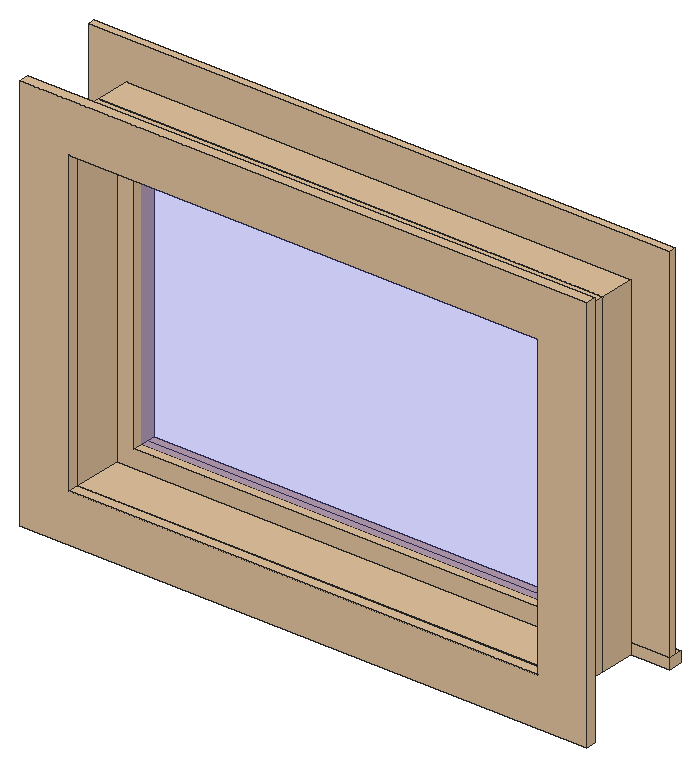
Revit family
Parameters (values of type "0915 x 0610mm")
  유리 창 재료 = 유리
  Height = 610.00 mm
  섀시 재료 = 섀시
  기본 씰 높이 = 2159.00 mm
  자르기 외부 재료 = 자르기
  자르기 내부 재료 = 자르기
  자르기 투영 - 외부 = 13.00 mm
  자르기 투영 - 내부 = 19.00 mm
  자르기 폭 - 외부 = 89.00 mm
  자르기 폭 - 내부 = 89.00 mm
  Wall Closure = (empty or 0)
  Width = 915.00 mm
  창 인세트 = 19.00 mm
Types (11, lengths in mm): name | Height | Width
  (no name) | 610.00 | 915.00
  0610 x 0610mm | 610.00 | 610.00
  0915 x 0610mm | 610.00 | 915.00
  1220 x 0610mm | 610.00 | 1220.00
  1525 x 0610mm | 610.00 | 1525.00
  1830 x 0610mm | 610.00 | 1830.00
  0610 x 0457mm | 457.00 | 610.00
  0915 x 0457mm | 457.00 | 915.00
  1220 x 0457mm | 457.00 | 1220.00
  1525 x 0457mm | 457.00 | 1525.00
  1830 x 0457mm | 457.00 | 1830.00
Reference planes
  plane 1: y = 0
  plane 2: z = 0
  plane 3 "중심": x = -38.1
  plane 4 "왼쪽": x = -495.6
  plane 5 "오른쪽": x = 419.4
  plane 6 "씰": z = 2159
  plane 7 "상단": z = 2769
  plane 8: y = 76.2
  plane 9: y = -76.2
  plane 10: y = 57.2
  plane 11: x = -476.55
  plane 12: x = -463.85
  plane 13: x = 400.35
  plane 14: x = 387.65
  plane 15: x = -565.55
  plane 16: x = -552.85
  plane 17: x = 476.65
  plane 18: x = 489.35
  plane 19: z = 2838.95
  plane 20: z = 2749.95
  plane 21: z = 2737.25
  plane 22: z = 2826.25
  plane 23: z = 2190.75
  plane 24: z = 2101.75
  plane 25 "마무리": y = 34.975
Forms (mm)
  Extrusion 1, solid, material "자르기" <- "자르기 외부 재료"
    sketch origin (0, 0, 0) x (1, 0, 0) y (0, 0, 1)
      loop
        line (-495.6, 2769) -> (-495.6, 2159) -> (419.4, 2159) -> (419.4, 2769) -> (-495.6, 2769)
      loop
        line (-476.55, 2749.95) -> (-476.55, 2178.05) -> (400.35, 2178.05) -> (400.35, 2749.95) -> (-476.55, 2749.95)
    from -76.2 to -12.75
  Extrusion 2, solid, material "자르기" <- "자르기 내부 재료"
    sketch origin (0, 0, 0) x (-1, 0, 0) y (0, 0, 1)
      loop
        line (-419.4, 2769) -> (-419.4, 2159) -> (495.6, 2159) -> (495.6, 2769) -> (-419.4, 2769)
      loop
        line (-387.65, 2737.25) -> (-387.65, 2190.75) -> (463.85, 2190.75) -> (463.85, 2737.25) -> (-387.65, 2737.25)
    from 12.75 to -76.2
  Extrusion 3, solid, material "섀시" <- "섀시 재료"
    sketch origin (0, 0, 0) x (-1, 0, 0) y (0, 0, 1)
      loop
        line (-400.35, 2749.95) -> (-400.35, 2178.05) -> (476.55, 2178.05) -> (476.55, 2749.95) -> (-400.35, 2749.95)
      loop
        line (-355.9, 2705.5) -> (-355.9, 2222.5) -> (432.1, 2222.5) -> (432.1, 2705.5) -> (-355.9, 2705.5)
    from 12.75 to 57.2
  Extrusion 4, solid, material "유리" <- "유리 창 재료"
    sketch origin (-124.971, 0, -117.036) x (1, 0, 0) y (0, 0, 1)
      loop
        line (-307.129, 2822.536) -> (-307.129, 2339.536) -> (480.871, 2339.536) -> (480.871, 2822.536) -> (-307.129, 2822.536)
    from -41.325 to -28.625
  Extrusion 5, solid, material "자르기" <- "자르기 내부 재료"
    sketch origin (0, 0, 0) x (1, 0, 0) y (0, 0, 1)
      loop
        line (-463.85, 2737.25) -> (-463.85, 2190.75) -> (387.65, 2190.75) -> (387.65, 2737.25) -> (-463.85, 2737.25)
      loop
        line (-552.85, 2826.25) -> (-552.85, 2101.75) -> (476.65, 2101.75) -> (476.65, 2826.25) -> (-552.85, 2826.25)
    from 76.2 to 95.2
  Extrusion 6, solid, material "자르기" <- "자르기 외부 재료"
    sketch origin (0, 0, 0) x (-1, 0, 0) y (0, 0, 1)
      loop
        line (-400.35, 2749.95) -> (476.55, 2749.95) -> (476.55, 2178.05) -> (565.55, 2178.05) -> (565.55, 2838.95) -> (-489.35, 2838.95) -> (-489.35, 2178.05) -> (-400.35, 2178.05) -> (-400.35, 2749.95)
    from 76.2 to 89.2
  Extrusion 7, solid, material "자르기" <- "자르기 외부 재료"
    sketch origin (0, 0, 0) x (-1, 0, 0) y (0, 0, 1)
      loop
        line (-489.35, 2178.05) -> (-489.35, 2159) -> (565.55, 2159) -> (565.55, 2178.05) -> (-489.35, 2178.05)
    from 76.2 to 101.9
Lines and regions (mm)
  Opening 1
    outline origin (-1524, -76.2, 0) x (1, 0, 0) y (0, 0, 1)
      loop
        line (1028.4, 2769) -> (1028.4, 2159) -> (1943.4, 2159) -> (1943.4, 2769) -> (1028.4, 2769)
  symbolic lines, style "WindowsFrameMullionProjection"
    curve 1: line (-495.6, 76.2, 0) -> (-476.55, 76.2, 0)
    curve 2: line (-476.55, 12.75, 0) -> (-476.55, 76.2, 0)
    curve 3: line (-476.55, 12.75, 0) -> (-463.85, 12.75, 0)
    curve 4: line (-463.85, -76.2, 0) -> (-463.85, 12.75, 0)
    curve 5: line (419.4, 76.2, 0) -> (400.35, 76.2, 0)
    curve 6: line (387.65, 12.75, 0) -> (387.65, -76.2, 0)
    curve 7: line (387.65, 12.75, 0) -> (400.35, 12.75, 0)
    curve 8: line (400.35, 12.75, 0) -> (400.35, 76.2, 0)
    curve 9: line (-476.55, 57.2, 0) -> (-432.1, 57.2, 0)
    curve 10: line (-476.55, 57.2, 0) -> (-476.55, 12.75, 0)
    curve 11: line (-476.55, 12.75, 0) -> (-432.1, 12.75, 0)
    curve 12: line (-432.1, 57.2, 0) -> (-432.1, 12.75, 0)
    curve 13: line (400.35, 57.2, 0) -> (355.9, 57.2, 0)
    curve 14: line (400.35, 57.2, 0) -> (400.35, 12.75, 0)
    curve 15: line (400.35, 12.75, 0) -> (355.9, 12.75, 0)
    curve 16: line (355.9, 57.2, 0) -> (355.9, 12.75, 0)
    curve 18: line (-463.85, -76.2, 0) -> (-495.6, -76.2, 0)
    curve 19: line (387.65, -76.2, 0) -> (419.4, -76.2, 0)
  symbolic lines, style "WindowsGlassProjection"
    curve 17: line (-432.1, 34.975, 0) -> (355.9, 34.975, 0)
Text (mm)
  text "외부" at (-1437.207, 1354.346, 0), in view "바닥 선"
  text "내부" at (-1490.695, -895.805, 0), in view "바닥 선"
  text "외부" at (0, 1108.87, 3415.022), in view "왼쪽"
  text "외부" at (0, 464.664, 3176.206), in view "오른쪽"
Dimensions and locks
  equal spacing: plane 4 "왼쪽", plane 3 "중심", plane 5 "오른쪽"
  "Width": plane 4 "왼쪽" to plane 5 "오른쪽"
  plane 2 to plane 24 to plane 6 "씰" to plane 21 to plane 7 "상단" = 2101.75 mm, 57.25 mm, 578.25 mm, 31.75 mm
  "창 인세트": plane 8 to plane 10
  locked: plane 10 to Extrusion 3 at 44.45
  locked: plane 10 to Extrusion 4 at 15.875
  locked: Extrusion 4 to Extrusion 4 at 12.7
  "자르기 투영 - 내부": Extrusion 5 to Extrusion 5
  "자르기 투영 - 외부": Extrusion 6 to Extrusion 6
  locked: Extrusion 7 sketch curve to Extrusion 1 at 19.05
  locked: Extrusion 7 to Extrusion 6 at 12.7
  locked: plane 4 "왼쪽" to plane 11 at 19.05
  locked: plane 13 to plane 5 "오른쪽" at 19.05
  locked: plane 14 to plane 5 "오른쪽" at 31.75
  locked: plane 4 "왼쪽" to plane 12 at 31.75
  "자르기 폭 - 외부": plane 13 to plane 18
  "자르기 폭 - 외부": plane 15 to plane 11
  locked: plane 20 to plane 7 "상단" at 19.05
  "자르기 폭 - 외부": plane 20 to plane 19
  "자르기 폭 - 내부": plane 16 to plane 12
  "자르기 폭 - 내부": plane 14 to plane 17
  locked: plane 7 "상단" to plane 21 at 31.75
  "자르기 폭 - 내부": plane 22 to plane 21
  locked: plane 23 to plane 6 "씰" at 31.75
  "자르기 폭 - 내부": plane 23 to plane 24
  "Height": plane 7 "상단" to plane 6 "씰"
  "기본 씰 높이": plane 6 "씰" to plane 2
  locked: plane 25 "마무리" to plane 10 at 22.225
  aligned and locked: plane 7 "상단" to Opening 1 sketch curve
  aligned and locked: plane 6 "씰" to Opening 1 sketch curve  (x2)
  aligned and locked: plane 5 "오른쪽" to Opening 1 sketch curve
  aligned and locked: plane 4 "왼쪽" to Opening 1 sketch curve
  aligned and locked: plane 9 to host wall
  aligned and locked: host wall to Extrusion 2
  aligned and locked: plane 10 to Extrusion 3
  aligned and locked: plane 8 to host wall
  aligned and locked: host wall to Extrusion 1
  aligned and locked: Extrusion 2 to Extrusion 1
  aligned and locked: Extrusion 1 to Extrusion 3
  aligned and locked: Extrusion 4 sketch curve to Extrusion 3  (x4)
  aligned and locked: curve 5 to Extrusion 1  (x2)
  aligned and locked: curve 6 to Extrusion 2
  aligned and locked: curve 4 to Extrusion 2
  aligned and locked: curve 16 to Extrusion 3
  aligned and locked: Extrusion 1 to curve 11
  aligned and locked: Extrusion 1 to curve 7
  aligned and locked: Extrusion 5 sketch curve to Extrusion 2  (x4)
  aligned and locked: Extrusion 5 to host wall
  aligned and locked: Extrusion 6 sketch curve to Extrusion 1  (x4)
  aligned and locked: Extrusion 6 to host wall
  aligned and locked: Extrusion 7 sketch curve to Extrusion 6  (x2)
  aligned and locked: Extrusion 7 to host wall
Automatic sketch dimensions
  Extrusion 1 sketch curve to plane 4 "왼쪽" = 0.00 mm
  Extrusion 1 sketch curve to plane 5 "오른쪽" = 0.00 mm
  Extrusion 1 sketch curve to plane 4 "왼쪽" = 19.05 mm
  plane 5 "오른쪽" to Extrusion 1 sketch curve = 19.05 mm
  Extrusion 1 sketch curve to plane 6 "씰" = 0.00 mm
  Extrusion 1 sketch curve to plane 7 "상단" = 0.00 mm
  Extrusion 1 sketch curve to plane 6 "씰" = 19.05 mm
  plane 7 "상단" to Extrusion 1 sketch curve = 19.05 mm
  Extrusion 2 sketch curve to plane 5 "오른쪽" = 0.00 mm
  Extrusion 2 sketch curve to plane 4 "왼쪽" = 0.00 mm
  plane 5 "오른쪽" to Extrusion 2 sketch curve = 31.75 mm
  Extrusion 2 sketch curve to plane 4 "왼쪽" = 31.75 mm
  Extrusion 2 sketch curve to plane 6 "씰" = 0.00 mm
  Extrusion 2 sketch curve to plane 7 "상단" = 0.00 mm
  Extrusion 2 sketch curve to plane 6 "씰" = 31.75 mm
  plane 7 "상단" to Extrusion 2 sketch curve = 31.75 mm
  plane 5 "오른쪽" to Extrusion 3 sketch curve = 19.05 mm
  plane 5 "오른쪽" to Extrusion 3 sketch curve = 63.50 mm
  Extrusion 3 sketch curve to plane 4 "왼쪽" = 63.50 mm
  Extrusion 3 sketch curve to plane 4 "왼쪽" = 19.05 mm
  Extrusion 3 sketch curve to plane 6 "씰" = 19.05 mm
  Extrusion 3 sketch curve to plane 6 "씰" = 63.50 mm
  plane 7 "상단" to Extrusion 3 sketch curve = 63.50 mm
  plane 7 "상단" to Extrusion 3 sketch curve = 19.05 mm
  curve 18 to plane 4 "왼쪽" = 0.00 mm
  curve 1 to plane 4 "왼쪽" = 0.00 mm
  curve 2 to plane 8 = 0.00 mm
  curve 10 to plane 10 = 0.00 mm
  curve 13 to plane 10 = 0.00 mm
  curve 19 to plane 5 "오른쪽" = 0.00 mm
  curve 1 to curve 2 = 19.05 mm
  curve 9 to curve 12 = 44.45 mm
  plane 5 "오른쪽" to curve 13 = 19.05 mm
  curve 19 to plane 9 = 0.00 mm
  curve 4 to plane 9 = 0.00 mm
  curve 11 to curve 17 = 22.225 mm
  Extrusion 7 sketch curve to plane 15 = 0.00 mm
  Extrusion 5 sketch curve to plane 16 = 0.00 mm
  Extrusion 5 sketch curve to plane 17 = 0.00 mm
  Extrusion 5 sketch curve to plane 24 = 0.00 mm
  Extrusion 5 sketch curve to plane 22 = 0.00 mm
  Extrusion 6 sketch curve to plane 18 = 0.00 mm
  Extrusion 6 sketch curve to plane 15 = 0.00 mm
  Extrusion 6 sketch curve to plane 19 = 0.00 mm
  Extrusion 6 sketch curve to plane 6 "씰" = 19.05 mm
